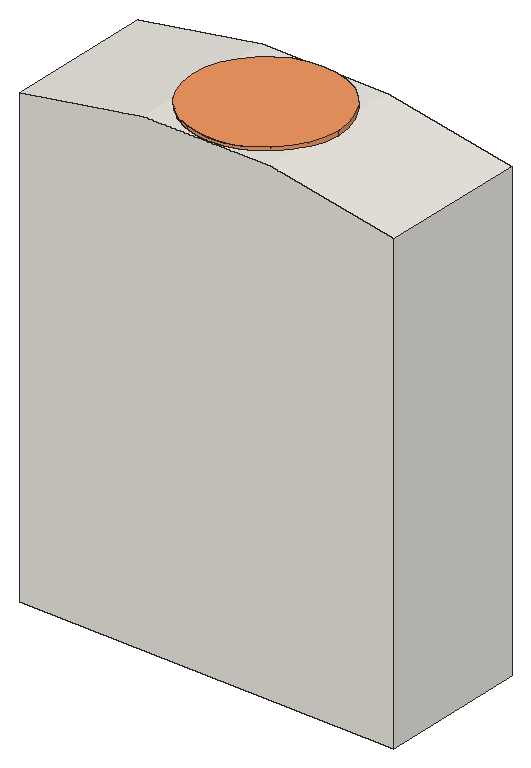
Revit family "Oberteil V50", category Generic Models, Revit 2015
Parameters (values of type "V50-0-385")
  Width = 45 mm
  URL = "http://www.obo-bettermann.com"
  Material 2 = PA 66/6 FR HF RAL 2003
  Material = PA 66/6 FR HF RAL 9010
  Manufacturer Art.No. = "5093510"
  Manufacturer = "OBO Bettermann"
  Length = 17.8 mm
  Height = 58 mm
  GTIN = "4012196334681"
  Article Type = "V50-0-385"
Types (5, lengths in mm): name | Manufacturer Art.No. | GTIN | Article Type
  (no name) | "5093510" | "4012196334681" | "V50-0-385"
  V50-0-150 | "5093505" | "4012196153718" | "V50-0-150"
  V50-0-280 | "5093508" | "4012196159598" | "V50-0-280"
  V50-0-320 | "5093509" | "4012196334674" | "V50-0-320"
  V50-0-385 | "5093510" | "4012196334681" | "V50-0-385"
Reference planes
  plane 1 "Center (Front/Back)": y = 0
  plane 2: z = 0
  plane 3 "Center (Left/Right)": x = 0
  plane 4: y = 17.8
  plane 5: z = 58
  plane 6: z = 57
Forms (mm)
  Extrusion 1, solid, material "PA 66/6 FR HF RAL 9010" <- "Material"
    sketch origin (0, 0, 0) x (1, 0, 0) y (0, 0, 1)
      loop
        line (-22.5, 0) -> (22.5, 0) -> (22.5, 55)
        arc (22.5, 55) -> (0, 58.012) -> (-22.5, 55) r 85.541
        line (-22.5, 55) -> (-22.5, 0)
    from -17.8 to 0
  Extrusion 2, solid, material "PA 66/6 FR HF RAL 2003" <- "Material 2"
    sketch origin (0, 0, 0) x (1, 0, 0) y (0, 1, 0)
      loop
        circle (0, 8.9) r 8.75
    from 57 to 58
Dimensions and locks
  "Length": plane 1 "Center (Front/Back)" to plane 4
  locked: Extrusion 1 to Extrusion 2 sketch curve at 8.9
  "Height": plane 5 to level
  locked: plane 5 to plane 6 at 1
  locked: Extrusion 1 sketch curve to Extrusion 1 sketch curve at 55  (x2)
  "Width": Extrusion 1 sketch curve to Extrusion 1 sketch curve
  equal spacing: Extrusion 1 sketch curve, plane 3 "Center (Left/Right)", Extrusion 1 sketch curve, locked at 22.5 each
  radius of Extrusion 2 sketch curve = 8.75 mm
  aligned and locked: level to plane 2
  aligned and locked: plane 1 "Center (Front/Back)" to Extrusion 1
  aligned and locked: plane 5 to Extrusion 2
  aligned and locked: Extrusion 2 to plane 6
  aligned and locked: Extrusion 1 sketch curve to level
Automatic sketch dimensions
  Extrusion 2 sketch curve to plane 3 "Center (Left/Right)" = 0 mm
  Extrusion 1 sketch curve to level = 27.529 mm
